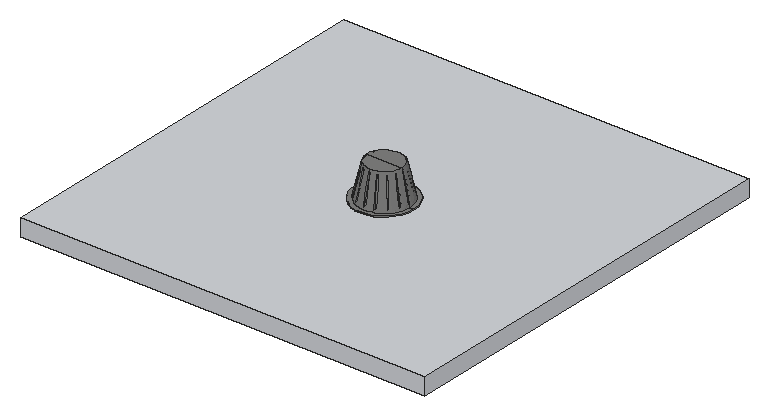
Revit family
Parameters (values of type "8"")
  URL = "WWW.MIFAB.COM"
  Top Diameter = 14.125"
  Roof Drain = Roof Drain
  R1 = 5.000"
  Pipe Radius = 4.000"
  Pipe Diameter = Pipe Radius * 2  # 8.000"
  Model = "R1200-F"
  Manufacturer = "MIFAB"
  H3 = Body Height / 3.375  # 2.37037"
  H2 = Body Height / 1.99  # 4.0201"
  H1 = Body Height / 1.53  # 5.22876"
  Description = "LARGE SUMP ROOF DRAIN WITH PARABOLIC FLOW CONTROL WEIR"
  Default Elevation = 48.000"
  Body Height = 8.000"
Types (7): name | Pipe Radius | Pipe Diameter | H3 | H2 | H1 | Body Height
  (no name) | 4.000" | 8.000" | 2.37037" | 4.0201" | 5.22876" | 8.000"
  4" | 2.000" | 4.000" | 1.81481" | 3.07789" | 4.00327" | 6.125"
  2" | 1.000" | 2.000" | 1.81481" | 3.07789" | 4.00327" | 6.125"
  3" | 1.500" | 3.000" | 1.81481" | 3.07789" | 4.00327" | 6.125"
  5" | 2.500" | 5.000" | 1.81481" | 3.07789" | 4.00327" | 6.125"
  6" | 3.000" | 6.000" | 2.37037" | 4.0201" | 5.22876" | 8.000"
  8" | 4.000" | 8.000" | 2.37037" | 4.0201" | 5.22876" | 8.000"
Reference planes (in)
  plane 1 "Center (Front/Back)": y = 0
  plane 2: z = 0
  plane 3 "Center (Left/Right)": x = 0
  plane 4: x = 4.2
  plane 5: x = 4.25
  plane 6: x = 4.5
  plane 7: x = 5
  plane 8: x = 7.0625
  plane 9: x = 4
  plane 10: z = -8
  plane 11: z = -5.22876
  plane 12: z = -4.0201
  plane 13: z = -0.2
  plane 14: z = 0.2085
  plane 15: z = -2.37037
  plane 16: x = 4.2
  plane 17: z = 8
  plane 18: x = 6
  plane 19: x = -0.25
  plane 20: x = 0.25
  plane 21: z = 7.5
  plane 22: z = 0.7085
  plane 23: z = 5.5
  plane 24: x = -7.0625
  plane 25: x = -4.2
Forms (in)
  Extrusion 1, solid
    sketch origin (0, 0, 0) x (1, 0, 0) y (0, 1, 0)
      loop
        line (-48, 48) -> (-48, -48) -> (48, -48) -> (48, 48) -> (-48, 48)
    from 0 to -4
  Revolve 2, solid, material "Roof Drain" <- "Roof Drain"
    sketch origin (0, 0, 0) x (1, 0, 0) y (0, 0, 1)
      loop
        line (4.2, -8) -> (4.2, -5.22876) -> (4.25, -5.22876) -> (4.5, -0.2) -> (5, -0.2) -> (5, 0) -> (7.0625, 0) -> (7.0625, 0.2085) -> (3.04153, 0.2085) -> (1.72222, 5.5) -> (1.51609, 5.5) -> (2.8874, 0) -> (4.29725, 0) -> (4.04725, -5.02876) -> (4, -5.02876) -> (4, -8) -> (4.2, -8)
      axis (0, 5.5) -> (0, -8)
    angle from 0 to 360
  Revolve 3, solid, material "Roof Drain" <- "Roof Drain"
    sketch origin (0, 0, 0) x (1, 0, 0) y (0, 0, 1)
      loop
        line (0, 8) -> (0, 7.8) -> (4.04094, 7.8) -> (5.79473, 0.2085) -> (6, 0.2085) -> (4.2, 8) -> (0, 8)
      axis (0, 0.2085) -> (0, 8)
    angle from 0 to 360
  Extrusion 4, void
    sketch origin (0, 0, 0) x (1, 0, 0) y (0, 0, 1)
      loop
        line (-0.25, 7.5) -> (-0.25, 0.7085) -> (0.25, 0.7085) -> (0.25, 7.5) -> (-0.25, 7.5)
    from -6.43838 to 6.34689
  Extrusion 5, void
    sketch origin (0, 0, 0) x (0.92388, -0.382683, 0) y (0, 0, 1)
      loop
        line (-0.25, 7.5) -> (-0.25, 0.7085) -> (0.25, 0.7085) -> (0.25, 7.5) -> (-0.25, 7.5)
    from -6.43838 to 6.34689
  Extrusion 6, void
    sketch origin (0, 0, 0) x (0.92388, 0.382683, 0) y (0, 0, 1)
      loop
        line (-0.25, 7.5) -> (-0.25, 0.7085) -> (0.25, 0.7085) -> (0.25, 7.5) -> (-0.25, 7.5)
    from -6.43838 to 6.34689
  Extrusion 7, void
    sketch origin (0, 0, 0) x (0.707107, 0.707107, 0) y (0, 0, 1)
      loop
        line (-0.25, 7.5) -> (-0.25, 0.7085) -> (0.25, 0.7085) -> (0.25, 7.5) -> (-0.25, 7.5)
    from -6.43838 to 6.34689
  Extrusion 8, void
    sketch origin (0, 0, 0) x (0.382683, 0.92388, 0) y (0, 0, 1)
      loop
        line (-0.25, 7.5) -> (-0.25, 0.7085) -> (0.25, 0.7085) -> (0.25, 7.5) -> (-0.25, 7.5)
    from -6.43838 to 6.34689
  Extrusion 9, void
    sketch origin (0, 0, 0) x (0, 1, 0) y (0, 0, 1)
      loop
        line (-0.25, 7.5) -> (-0.25, 0.7085) -> (0.25, 0.7085) -> (0.25, 7.5) -> (-0.25, 7.5)
    from -6.43838 to 6.34689
  Extrusion 10, void
    sketch origin (0, 0, 0) x (-0.382683, 0.92388, 0) y (0, 0, 1)
      loop
        line (-0.25, 7.5) -> (-0.25, 0.7085) -> (0.25, 0.7085) -> (0.25, 7.5) -> (-0.25, 7.5)
    from -6.43838 to 6.34689
  Extrusion 11, void
    sketch origin (0, 0, 0) x (-0.707107, 0.707107, 0) y (0, 0, 1)
      loop
        line (-0.25, 7.5) -> (-0.25, 0.7085) -> (0.25, 0.7085) -> (0.25, 7.5) -> (-0.25, 7.5)
    from -6.43838 to 6.34689
Cuts and joins
  Extrusion 4, Extrusion 5, Extrusion 6, Extrusion 7, Extrusion 8, Extrusion 9, Extrusion 10, Extrusion 11 cuts Revolve 3
Dimensions and locks (in)
  "Pipe Radius": plane 9 to plane 3 "Center (Left/Right)"
  locked: plane 4 to plane 9 at 0.2
  "R1": plane 7 to plane 3 "Center (Left/Right)"
  locked: plane 5 to plane 3 "Center (Left/Right)" at 4.25
  locked: plane 6 to plane 3 "Center (Left/Right)" at 4.5
  "Body Height": level to plane 10
  level to plane 13 = 0.200"
  "H3": level to plane 15
  "H2": Extrusion 1 to plane 12
  "H1": level to plane 11
  locked: plane 17 to level at 8
  locked: plane 18 to plane 3 "Center (Left/Right)" at 6
  locked: plane 17 to Revolve 3 sketch curve at 0.2
  locked: Revolve 3 sketch curve to Revolve 3 sketch curve at 0.2
  locked: Revolve 2 sketch curve to Revolve 2 sketch curve at 0.2
  locked: Revolve 2 sketch curve to Revolve 2 sketch curve at 0.21243
  plane 17 to plane 21 = 0.500"
  locked: plane 22 to plane 14 at 0.5
  plane 23 to level = 5.500"
  Revolve 2 sketch curve to Revolve 2 sketch curve to Revolve 2 sketch curve to Revolve 2 sketch curve to plane 3 "Center (Left/Right)" = 0.15414" locked, 1.16518" locked, 0.20612" locked, 1.51609" locked
  equal spacing: plane 24, plane 3 "Center (Left/Right)", plane 8
  "Top Diameter": plane 24 to plane 8
  plane 25 to plane 16 = 8.400"
  plane 25 to plane 3 "Center (Left/Right)" to plane 16 = 4.200" locked, 4.200" locked
  aligned and locked: plane 2 to Extrusion 1
  aligned and locked: level to Extrusion 1
  aligned and locked: Revolve 2 sketch curve to plane 10
  aligned and locked: Revolve 2 sketch curve to plane 4
  aligned and locked: Revolve 2 sketch curve to plane 13
  aligned and locked: Revolve 2 sketch curve to plane 7
  aligned and locked: Extrusion 1 to Revolve 2 sketch curve  (x2)
  aligned and locked: Revolve 2 sketch curve to plane 8
  aligned and locked: Revolve 2 sketch curve to plane 14
  aligned and locked: Revolve 2 sketch curve to plane 3 "Center (Left/Right)"
  aligned and locked: plane 9 to Revolve 2 sketch curve
  aligned and locked: Revolve 2 sketch curve to plane 11
  aligned and locked: plane 3 "Center (Left/Right)" to Revolve 3 sketch curve  (x2)
  aligned and locked: Revolve 3 sketch curve to plane 17
  aligned and locked: plane 16 to Revolve 3 sketch curve
  aligned and locked: Revolve 3 sketch curve to plane 14
  aligned and locked: Revolve 2 sketch curve to plane 23
Automatic sketch dimensions
  Extrusion 1 sketch curve to Extrusion 1 sketch curve = 96.000"  (x2)
  Revolve 3 sketch curve to plane 18 = 0.000"
  Revolve 3 sketch curve to Revolve 3 sketch curve = 5.000"
  Revolve 3 sketch curve to Revolve 3 sketch curve = 1.750"
  Extrusion 4 sketch curve to Extrusion 4 sketch curve = 0.500"
  Extrusion 4 sketch curve to Extrusion 4 sketch curve = 6.7915"
  Extrusion 5 sketch curve to Extrusion 5 sketch curve = 0.500"
  Extrusion 5 sketch curve to Extrusion 5 sketch curve = 6.7915"
  Extrusion 6 sketch curve to Extrusion 6 sketch curve = 0.500"
  Extrusion 6 sketch curve to Extrusion 6 sketch curve = 6.7915"
  Extrusion 7 sketch curve to Extrusion 7 sketch curve = 0.500"
  Extrusion 7 sketch curve to Extrusion 7 sketch curve = 6.7915"
  Extrusion 8 sketch curve to Extrusion 8 sketch curve = 0.500"
  Extrusion 8 sketch curve to Extrusion 8 sketch curve = 6.7915"
  Extrusion 9 sketch curve to Extrusion 9 sketch curve = 0.500"
  Extrusion 9 sketch curve to Extrusion 9 sketch curve = 6.7915"
  Extrusion 10 sketch curve to Extrusion 10 sketch curve = 0.500"
  Extrusion 10 sketch curve to Extrusion 10 sketch curve = 6.7915"
  Extrusion 11 sketch curve to Extrusion 11 sketch curve = 0.500"
  Extrusion 11 sketch curve to Extrusion 11 sketch curve = 6.7915"
  Revolve 2 sketch curve to plane 5 = 0.000"
  Revolve 2 sketch curve to plane 6 = 0.000"
  plane 10 to Revolve 2 sketch curve = 5.000"
  Revolve 2 sketch curve to Revolve 2 sketch curve = 11.000"
Connectors (in)
  piping at (0, 0, -8), driven by "Pipe Radius"
    settings: on Revolve 2, index 1, connector radius 4", flow factor 0, pipe flow 0 GPM, pressure drop 0.00 psi, fitting loss kfactor 0, connector angle 0.00°, fixture units 0, flow configuration 0, flow direction 2, fitting loss method 0, system type 16, connector reference index -1, connector utility 0, adjustable connector no, is connector primary yes, fitting loss table "", connector description ""
